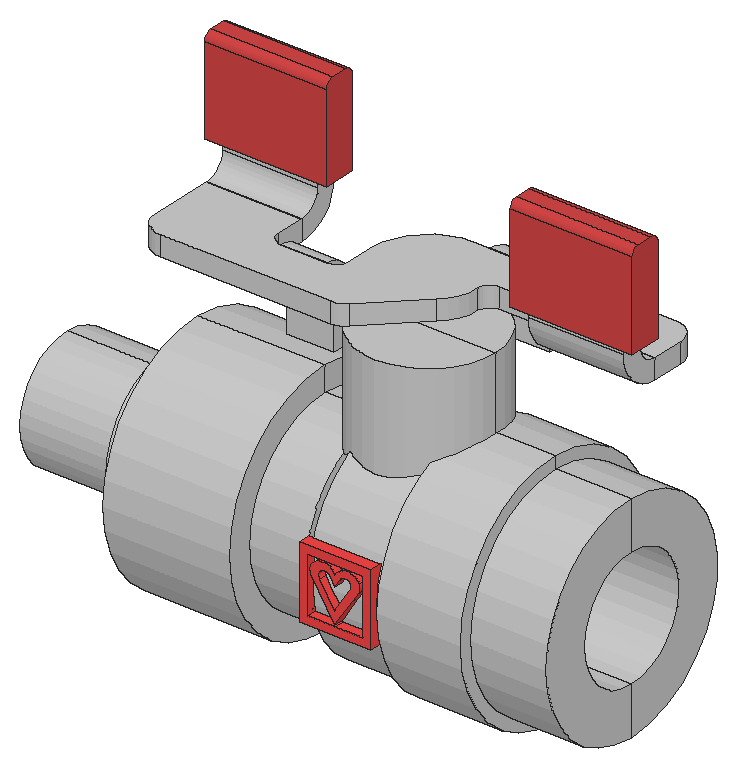
Revit family "HERZ Ball valve with T-handle (sheet steel) 2211", category Rohrzubehör, Revit 2021
Family settings
  Bemaßung runder Anschluss = Durchmesser verwenden
  Teiletyp = Unterbricht
  OmniClass-Nummer = 23.65.55.14
  OmniClass-Titel = Valves for Liquid Services
  Arbeitsebenenbasiert = Nein
  Immer vertikal = Ja
  Beim Laden mit Abzugskörper schneiden = Nein
  Gemeinsam genutzt = Nein
Parameters
  Weight [instance] = if(Nennweite = 15.000 mm, 0.23, if(Nennweite = 20.000 mm, 0.382, if(Nennweite = 25.000 mm, 0.669, if(Nennweite = 32.000 mm, 1.022, 0))))  # 0.23
  Vorgabe-Ansicht = 0.000 mm
  Spindle seals = "PTFE"  # constant formula
  Spindle = "machined brass according to EN 12164, CW614N"  # constant formula
  Part number [instance] = size_lookup("2211_3X_", "Artnr", 0, Nennweite)  # 1221131
  Min. operating temperature (water) = 0.5 °C  # constant formula
  Min. operating temperature = -30 °C  # constant formula
  Medium = "Heating water quality according to ÖNORM H5195 or VDI-Standard 2035.\r\nThe use of ethylene or propylene glycol in a mixing ratio 25- 50% is allowed."
  Max. operating temperature (water - no steam) = 110 °C  # constant formula
  Max. operating pressure (screw connection) = 1600000.0 Pa  # constant formula
  W01 = 135.00°  # constant formula
  VRL02 [instance] = size_lookup("2211_3X_", "VRL2", 1.000 mm, Nennweite)  # 16.500 mm
  VRL01 [instance] = size_lookup("2211_3X_", "VRL1", 1.000 mm, Nennweite)  # 16.000 mm
  VRD02 [instance] = size_lookup("2211_3X_", "VRD2", 1.000 mm, Nennweite)  # 15.000 mm
  VRD01 [instance] = size_lookup("2211_3X_", "VRD1", 1.000 mm, Nennweite)  # 10.500 mm
  URL = "www.herzvalves.com"
  SCRNSEQ = "ARM;ARM_TYP=\"ABVS\";2"
  SCRNCODE = "05;10;02"  # constant formula
  S04 [instance] = L07 + VRL01 + VRL02  # 45.600 mm
  S03 = 10.000 mm  # constant formula
  S02 [instance] = 2 * D01  # 19.050 mm
  S01 [instance] = L01 + L02 + L06  # 47.100 mm
  R01 [instance] = size_lookup("2211_3X_", "R1", 1.000 mm, Nennweite)  # 8.500 mm
  Nennweite [instance] = 15.000 mm
  Max. operating temperature = 150 °C  # constant formula
  Max. operating pressure = 2500000.0 Pa  # constant formula
  L07 [instance] = L01 - L03  # 13.100 mm
  L06 [instance] = size_lookup("2211_3X_", "L6", 1.000 mm, Nennweite)  # 9.600 mm
  L05 [instance] = size_lookup("2211_3X_", "L5", 1.000 mm, Nennweite)  # 19.900 mm
  L04 [instance] = size_lookup("2211_3X_", "L4", 1.000 mm, Nennweite)  # 10.500 mm
  L03 [instance] = size_lookup("2211_3X_", "L3", 1.000 mm, Nennweite)  # 8.400 mm
  L02 [instance] = size_lookup("2211_3X_", "L2", 1.000 mm, Nennweite)  # 16.000 mm
  L01 [instance] = size_lookup("2211_3X_", "L1", 1.000 mm, Nennweite)  # 21.500 mm
  Internal threaded connectors = "according to ISO 228-1"  # constant formula
  IG [instance] = Nennweite / 2  # 7.500 mm
  Hersteller = "HERZ Armaturen Ges.m.b.H"  # constant formula
  Handle = "T-handle, red, sheet steel - plated"  # constant formula
  H01 [instance] = size_lookup("2211_3X_", "H1", 1.000 mm, Nennweite)  # 24.000 mm
  GT1 [instance] = size_lookup("2211_3X_", "GT1", 1.000 mm, Nennweite)  # 10.000 mm
  GT [instance] = size_lookup("2211_3X_", "GT", 1.000 mm, Nennweite)  # 13.200 mm
  Seals (screw connection) DN32-DN50 = "KLINGER (flat sealing)"  # constant formula
  Seals (screw connection) DN15-DN25 = "EPDM (O-Ring)"  # constant formula
  Field of application = "HERZ ball valves have to be used as shut off elements.\r\nField of application are building services, such as heating or chilled water plants.\r\nBall valves are used wherever the medium flow has to be reliably closed.\r\nBall valve should not be used as regulating element so it has to be fully opened or fully closed (the handle should not be in intermediate position)."
  DN25-DN32 [instance] = if(Nennweite = 25.000 mm, 38.000 mm, 43.000 mm)  # 43.000 mm
  DN25+DN32 [instance] = or(Nennweite = 25.000 mm, Nennweite = 32.000 mm)  # no
  DN15-DN20 [instance] = if(Nennweite = 15.000 mm, 28.000 mm, 31.000 mm)  # 28.000 mm
  DN15+DN20 [instance] = or(Nennweite = 15.000 mm, Nennweite = 20.000 mm)  # yes
  D05 [instance] = size_lookup("2211_3X_", "D5", 1.000 mm, Nennweite)  # 13.500 mm
  D04 [instance] = size_lookup("2211_3X_", "D4", 1.000 mm, Nennweite)  # 14.000 mm
  D03 [instance] = size_lookup("2211_3X_", "D3", 1.000 mm, Nennweite)  # 15.000 mm
  D02 [instance] = size_lookup("2211_3X_", "D2", 1.000 mm, Nennweite)  # 12.000 mm
  D01 [instance] = size_lookup("2211_3X_", "D1", 1.000 mm, Nennweite)  # 9.525 mm
  Body = "forged brass according to EN 12165, nickel plated, CW617N"  # constant formula
  External threaded connectors = "according to ISO 7-1"  # constant formula
  Ball seals = "PTFE"  # constant formula
  Ball = "forged brass according to EN 12165, hollow, full bore, hard chrome plated, CW617N"  # constant formula
  Application = "HERZ ball valve MODUL is designed for building services such as heating and chilled water plants.\r\nThe operating conditions (temperature, pressure) should be constant."
  AG [instance] = Nennweite / 2  # 7.500 mm
Reference planes
  plane 1 "Mitte (Vorne/hinten)": y = 0
  plane 2: z = 0
  plane 3 "Mitte (Links/rechts)": x = 0
Forms (mm)
  Revolve 1, solid, material "Messing, vernickelt", detail levels fine
    sketch origin (0, 0, 0) x (1, 0, 0) y (0, 0, 1)
      loop
        line (16, 13.5) -> (16, 15) -> (5.5, 15) -> (5.5, 14) -> (-3.9, 14) -> (-5.9, 12) -> (-13.1, 12) -> (-13.1, 9.525) -> (-21.5, 9.525) -> (-21.5, 0) -> (15.6, 0) -> (15.6, 7.5) -> (25.6, 7.5) -> (25.6, 13.5) -> (16, 13.5)
      axis (-21.5, 0) -> (25.6, 0)
    angle from 0 to 360
  Revolve 2, solid, material "Messing, vernickelt", detail levels fine
    sketch origin (0, 0, 0) x (1, 0, 0) y (0, 0, 1)
      loop
        line (0, 0) -> (5.522, 0) -> (5.522, 8.202) -> (8.5, 8.202) -> (8.5, 24) -> (0, 24) -> (0, 0)
      axis (0, 24) -> (0, 0)
    angle from 0 to 360
  Revolve 3, solid, material "Messing, vernickelt", detail levels fine
    sketch origin (0, 0, 0) x (1, 0, 0) y (0, 0, 1)
      loop
        line (-13.1, 9.525) -> (-13.1, 15) -> (-29.1, 15) -> (-29.1, 10.5) -> (-32.4, 10.5) -> (-32.4, 7.5) -> (-45.6, 7.5) -> (-45.6, 0) -> (-21.5, 0) -> (-21.5, 9.525) -> (-13.1, 9.525)
      axis (-45.6, 0) -> (-13.1, 0)
    angle from 0 to 360
Lines and regions (mm)
  model lines, detail levels coarse+medium
    curve 1: line (-23.55, 9.525, 0) -> (-23.55, -9.525, 0)
    curve 2: line (-23.55, -9.525, 0) -> (23.55, 9.525, 0)
    curve 3: line (23.55, 9.525, 0) -> (23.55, -9.525, 0)
    curve 4: line (23.55, -9.525, 0) -> (-23.55, 9.525, 0)
    curve 5: circle (0, 0, 0) r 9.525 normal (0, 0, 1)
    curve 6: line (-23.55, 0, 9.525) -> (-23.55, 0, -9.525)
    curve 7: line (-23.55, 0, -9.525) -> (23.55, 0, 9.525)
    curve 8: line (23.55, 0, 9.525) -> (23.55, 0, -9.525)
    curve 9: line (23.55, 0, -9.525) -> (-23.55, 0, 9.525)
    curve 10: circle (0, 0, 0) r 9.525 normal (0, -1, 0)
    curve 11: line (-23.55, 0, 9.525) -> (-33.55, 0, 9.525)
    curve 12: line (-33.55, 0, 9.525) -> (-23.55, 0, 0)
    curve 13: line (-23.55, 0, -9.525) -> (-33.55, 0, -9.525)
    curve 14: line (-33.55, 0, -9.525) -> (-23.55, 0, 0)
    curve 15: line (-23.55, 0, 0) -> (-45.6, 0, 0)
    curve 16: line (-23.55, 9.525, 0) -> (-33.55, 9.525, 0)
    curve 17: line (-33.55, 9.525, 0) -> (-23.55, 0, 0)
    curve 18: line (-23.55, -9.525, 0) -> (-33.55, -9.525, 0)
    curve 19: line (-33.55, -9.525, 0) -> (-23.55, 0, 0)
    curve 20: line (-23.55, 0, 0) -> (-45.6, 0, 0)
Dimensions and locks
  "L01": Revolve 1 sketch curve to plane 3 "Mitte (Links/rechts)"
  "L02": Revolve 1 sketch curve to plane 3 "Mitte (Links/rechts)"
  "D01": Revolve 1 sketch curve to plane 2
  "D02": Revolve 1 sketch curve to plane 2
  "L03": Revolve 1 sketch curve to Revolve 1 sketch curve
  "R01": Revolve 2 sketch curve to plane 3 "Mitte (Links/rechts)"
  "H01": Revolve 2 sketch curve to plane 2
  "D03": Revolve 1 sketch curve to plane 2
  "D04": Revolve 1 sketch curve to plane 2
  "L04": Revolve 1 sketch curve to Revolve 1 sketch curve
  "L05": Revolve 1 sketch curve to Revolve 1 sketch curve
  "IG": Revolve 1 sketch curve to Revolve 1 sketch curve
  "GT1": Revolve 1 sketch curve to Revolve 1 sketch curve
  "L06": Revolve 1 sketch curve to Revolve 1 sketch curve
  "D05": Revolve 1 sketch curve to Revolve 1 sketch curve
  "D04": nested 1 to plane 1 "Mitte (Vorne/hinten)"
  equal spacing: curve 2, plane 1 "Mitte (Vorne/hinten)", curve 4
  equal spacing: curve 4, plane 1 "Mitte (Vorne/hinten)", curve 3
  "S02": curve 4 to curve 2
  "S02": curve 3 to curve 4
  equal spacing: curve 1, plane 3 "Mitte (Links/rechts)", curve 3
  "S01": curve 1 to curve 3
  "S02": curve 9 to curve 7
  equal spacing: curve 9, plane 2, curve 7
  equal spacing: curve 8, plane 2, curve 9
  "S02": curve 8 to curve 9
  "S01": curve 6 to curve 8
  equal spacing: curve 6, plane 3 "Mitte (Links/rechts)", curve 8
  "AG": Revolve 3 sketch curve to plane 2
  "D01": Revolve 3 sketch curve to Revolve 3 sketch curve
  "L03": Revolve 3 sketch curve to Revolve 3 sketch curve
  "L07": plane 3 "Mitte (Links/rechts)" to Revolve 3 sketch curve
  "VRL01": Revolve 3 sketch curve to Revolve 3 sketch curve
  "VRL02": Revolve 3 sketch curve to Revolve 3 sketch curve
  "GT": Revolve 3 sketch curve to Revolve 3 sketch curve
  "VRD01": Revolve 3 sketch curve to level
  "VRD02": Revolve 3 sketch curve to Revolve 3 sketch curve
  "S04": plane 3 "Mitte (Links/rechts)" to curve 15
  "S03": curve 12 to curve 6
  "S03": curve 17 to curve 1
  "S04": curve 20 to plane 3 "Mitte (Links/rechts)"
  "DN15-DN20": nested 2 to plane 2
  "DN25-DN32": nested 3 to plane 2
  "S02": diameter of curve 5
  "S02": diameter of curve 10
  "W01": angle Revolve 1 sketch curve to Revolve 1 sketch curve
  aligned and locked: level to plane 2
Automatic sketch dimensions
  curve 10 to level = 0.000 mm
  curve 10 to plane 3 "Mitte (Links/rechts)" = 0.000 mm
  curve 15 to level = 0.000 mm
  curve 12 to level = 0.000 mm
  curve 13 to curve 6 = 10.000 mm
  plane 1 "Mitte (Vorne/hinten)" to curve 5 = 0.000 mm
  curve 5 to plane 3 "Mitte (Links/rechts)" = 0.000 mm
  plane 1 "Mitte (Vorne/hinten)" to curve 20 = 0.000 mm
  plane 1 "Mitte (Vorne/hinten)" to curve 19 = 0.000 mm
  curve 18 to curve 1 = 10.000 mm
  Revolve 1 sketch curve to level = 0.000 mm  (x2)
  Revolve 1 sketch curve to Revolve 1 sketch curve = 1481.630 mm
  Revolve 1 sketch curve to Revolve 1 sketch curve = 1814.648 mm
  Revolve 2 sketch curve to level = 0.000 mm
  Revolve 2 sketch curve to plane 3 "Mitte (Links/rechts)" = 0.000 mm  (x2)
  plane 3 "Mitte (Links/rechts)" to Revolve 2 sketch curve = 5.522 mm
  level to Revolve 2 sketch curve = 8.202 mm
  Revolve 2 sketch curve to Revolve 2 sketch curve = 366.045 mm
  Revolve 2 sketch curve to Revolve 2 sketch curve = 2190.315 mm
  Revolve 3 sketch curve to level = 0.000 mm  (x2)
  Revolve 3 sketch curve to Revolve 3 sketch curve = 1461.804 mm
  plane 3 "Mitte (Links/rechts)" to Revolve 3 sketch curve = 1839.148 mm
Nested families
  nested 1: "Herz-Logo-vorne" at (0, -14, 0) x (0, 1, 0) z (0, 0, 1), type "Herz-Logo-vorne", detail levels fine
  nested 2: "Knebelgriff (Blech) DN15-DN20" at (0, 0, 28), visible <- "DN15+DN20", type "Knebelgriff (Blech) DN15-DN20"
  nested 3: "Knebelgriff (Blech) DN25-DN32" at (0, 0, 43), visible <- "DN25+DN32", type "Knebelgriff (Blech) DN25-DN32"
Connectors
  piping at (6.5, 0, 0), diameter 15, driven by "Nennweite"
    settings: on Revolve 1, index 1, connector inside diameter 609.6 mm, connector length 0.000 mm, flow factor 0, pipe flow 0.0 L/s, pressure drop 0.0 Pa, fitting loss kfactor 0, connector angle 0.00°, fixture units 0, engagement length 0.000 mm, angle of deflection 0.00°, flow configuration 0, flow direction 0, fitting loss method 0, system type 7, joint type 0, gender type 0, connector reference index -1, connector utility 0, adjustable connector no, is connector primary yes, connector description ""
  piping at (-45.6, 0, 0), diameter 15, driven by "Nennweite"
    settings: on Revolve 3, index 2, connector inside diameter 609.6 mm, connector length 0.000 mm, flow factor 0, pipe flow 0.0 L/s, pressure drop 0.0 Pa, fitting loss kfactor 0, connector angle 0.00°, fixture units 0, engagement length 0.000 mm, angle of deflection 0.00°, flow configuration 0, flow direction 0, fitting loss method 0, system type 7, joint type 0, gender type 0, connector reference index -1, connector utility 0, adjustable connector no, is connector primary no, connector description ""
Definition of nested family "Herz-Logo-vorne"
  Parameters (values of type "Herz-Logo-vorne")
    Default Elevation = 0.000 mm
  Reference planes
    plane 1 "Mitte (Vorne/hinten)": y = 0
    plane 2: z = 0
    plane 3 "Mitte (Links/rechts)": x = 0
  Forms (mm)
    Extrusion 1, solid
      sketch origin (0.732, -0.018, 0.017) x (0, -1, 0) y (0, 0, 1)
        loop
          line (-0.018, -4.517) -> (4.482, -4.517) -> (4.482, 4.483) -> (-4.518, 4.483) -> (-4.518, -4.517) -> (-0.018, -4.517)
        loop
          line (-0.05, -3.48) -> (3.482, -3.48) -> (3.482, 3.483) -> (-3.518, 3.483) -> (-3.518, -3.48) -> (-0.05, -3.48)
        loop
          arc (-0.018, 2.383) -> (-1.543, 3.287) -> (-3.067, 2.383) r 1.738
          arc (-3.067, 2.383) -> (-3.191, 1.899) -> (-3.067, 1.415) r 1.009
          line (-3.067, 1.415) -> (-0.018, -3.281) -> (3.032, 1.415)
          arc (3.032, 1.415) -> (3.156, 1.899) -> (3.032, 2.383) r 1.009
          arc (3.032, 2.383) -> (1.507, 3.287) -> (-0.018, 2.383) r 1.738
        loop
          arc (1.885, 1.272) -> (2.005, 1.675) -> (1.885, 2.079) r 0.74
          arc (1.885, 2.079) -> (1.265, 2.416) -> (0.644, 2.079) r 0.74
          line (0.644, 2.079) -> (-0.018, 0.97) -> (-0.679, 2.079)
          arc (-0.679, 2.079) -> (-1.3, 2.416) -> (-1.921, 2.079) r 0.74
          arc (-1.921, 2.079) -> (-2.04, 1.675) -> (-1.921, 1.272) r 0.74
          line (-1.921, 1.272) -> (-0.018, -1.658) -> (1.885, 1.272)
      from 0 to 1.5
  Dimensions and locks
    aligned and locked: level to plane 2
Definition of nested family "Knebelgriff (Blech) DN15-DN20"
  Parameters (values of type "Knebelgriff (Blech) DN15-DN20")
    Default Elevation = 0.000 mm
  Reference planes
    plane 1 "Mitte (Vorne/hinten)": y = 0
    plane 2: z = 0
    plane 3 "Mitte (Links/rechts)": x = 0
  Forms (mm)
    Extrusion 1, solid, detail levels fine
      sketch origin (0, 0, 0) x (1, 0, 0) y (0, 1, 0)
        loop
          line (-7, 0) -> (-7, -3.8)
          arc (-7, -3.8) -> (-7.439, -4.861) -> (-8.5, -5.3) r 1.5
          line (-8.5, -5.3) -> (-14.5, -5.3)
          arc (-14.5, -5.3) -> (-15.561, -4.861) -> (-16, -3.8) r 1.5
          line (-16, -3.8) -> (-16, 0) -> (-28, 0) -> (-28, -8.1)
          arc (-28, -8.1) -> (-27.121, -10.221) -> (-25, -11.1) r 3
          line (-25, -11.1) -> (-3.453, -11.1)
          arc (-3.453, -11.1) -> (-2.496, -10.91) -> (-1.685, -10.368) r 2.5
          line (-1.685, -10.368) -> (4.443, -4.24)
          arc (4.443, -4.24) -> (5.743, -2.295) -> (6.2, 0) r 6
          arc (6.2, 0) -> (6.64, 1.06) -> (7.7, 1.499) r 1.5
          line (7.7, 1.499) -> (15.1, 1.499)
          arc (15.1, 1.499) -> (16.16, 1.06) -> (16.6, 0) r 1.5
          line (16.6, 0) -> (28.6, 0) -> (28.6, 4)
          arc (28.6, 4) -> (27.721, 6.121) -> (25.6, 7) r 3
          line (25.6, 7) -> (0, 7)
          arc (0, 7) -> (-4.95, 4.95) -> (-7, 0) r 7
      from 0 to 2.5
    Extrusion 2, solid, detail levels fine
      sketch origin (0, 0, 0) x (0, 1, 0) y (0, 0, 1)
        loop
          arc (2.5, 5) -> (1.768, 3.232) -> (0, 2.5) r 2.5
          line (0, 2.5) -> (0, 0)
          arc (0, 0) -> (3.536, 1.464) -> (5, 5) r 5
          line (5, 5) -> (5, 6) -> (2.5, 6) -> (2.5, 5)
      from -28 to -16
    Extrusion 3, solid, detail levels fine
      sketch origin (0, 5.3, 0) x (0, 1, 0) y (0, 0, 1)
        loop
          line (-7.8, 5) -> (-7.8, 6) -> (-10.3, 6) -> (-10.3, 5)
          arc (-10.3, 5) -> (-8.836, 1.464) -> (-5.3, 0) r 5
          line (-5.3, 0) -> (-5.3, 2.5)
          arc (-5.3, 2.5) -> (-7.068, 3.232) -> (-7.8, 5) r 2.5
      from 16.6 to 28.6
    Extrusion 4, solid, detail levels fine
      sketch origin (0, 0, 0) x (0, 1, 0) y (0, 0, 1)
        loop
          line (5.75, 6) -> (5.75, 17.041)
          arc (5.75, 17.041) -> (5.469, 17.719) -> (4.791, 18) r 0.959
          line (4.791, 18) -> (2.773, 18)
          arc (2.773, 18) -> (2.05, 17.7) -> (1.75, 16.977) r 1.023
          line (1.75, 16.977) -> (1.75, 6) -> (5.75, 6)
      from -29.7 to -14.3
    Extrusion 5, solid, detail levels fine
      sketch origin (0, 0, 0) x (0, 1, 0) y (0, 0, 1)
        loop
          line (-5.75, 6) -> (-1.75, 6) -> (-1.75, 17)
          arc (-1.75, 17) -> (-2.043, 17.707) -> (-2.75, 18) r 1
          line (-2.75, 18) -> (-4.75, 18)
          arc (-4.75, 18) -> (-5.457, 17.707) -> (-5.75, 17) r 1
          line (-5.75, 17) -> (-5.75, 6)
      from 30.3 to 14.9
    Extrusion 6, solid, detail levels fine
      sketch origin (0, 0, 0) x (0, 1, 0) y (0, 0, 1)
        loop
          line (9, -2) -> (9, -8) -> (11.5, -8) -> (11.5, -2)
          arc (11.5, -2) -> (10.182, 1.182) -> (7, 2.5) r 4.5
          line (7, 2.5) -> (7, 0)
          arc (7, 0) -> (8.414, -0.586) -> (9, -2) r 2
      from 8.1 to 2.1
    Extrusion 7, solid, detail levels fine
      sketch origin (0, 0, 0) x (0, 1, 0) y (0, 0, 1)
        loop
          line (-4.3, -1) -> (-4.3, -8) -> (-1.8, -8) -> (-1.8, -1)
          arc (-1.8, -1) -> (-2.825, 1.475) -> (-5.3, 2.5) r 3.5
          line (-5.3, 2.5) -> (-5.3, 0)
          arc (-5.3, 0) -> (-4.593, -0.293) -> (-4.3, -1) r 1
      from -14.5 to -8.5
  Dimensions and locks
    aligned and locked: level to plane 2
Definition of nested family "Knebelgriff (Blech) DN25-DN32"
  Parameters (values of type "Knebelgriff (Blech) DN25-DN32")
    Default Elevation = 0.000 mm
  Reference planes
    plane 1 "Mitte (Vorne/hinten)": y = 0
    plane 2: z = 0
    plane 3 "Mitte (Links/rechts)": x = 0
  Forms (mm)
    Extrusion 1, solid, detail levels fine
      sketch origin (0, 0, 0) x (1, 0, 0) y (0, 1, 0)
        loop
          arc (0, 9) -> (-6.364, 6.364) -> (-9, 0) r 9
          line (-9, 0) -> (-9, -4.1)
          arc (-9, -4.1) -> (-9.439, -5.161) -> (-10.5, -5.6) r 1.5
          line (-10.5, -5.6) -> (-20, -5.6)
          arc (-20, -5.6) -> (-21.061, -5.161) -> (-21.5, -4.1) r 1.5
          line (-21.5, -4.1) -> (-21.5, 0) -> (-39.1, 0) -> (-39.1, -10.6)
          arc (-39.1, -10.6) -> (-38.221, -12.721) -> (-36.1, -13.6) r 3
          line (-36.1, -13.6) -> (-10.5, -13.6)
          arc (-10.5, -13.6) -> (-8.037, -13.275) -> (-5.742, -12.323) r 9.5
          line (-5.742, -12.323) -> (0, -9)
          arc (0, -9) -> (2.463, -8.675) -> (4.758, -7.723) r 9.5
          line (4.758, -7.723) -> (16.029, -0.25)
          arc (16.029, -0.25) -> (16.522, 0.291) -> (16.7, 1) r 1.5
          arc (16.7, 1) -> (17.139, 2.061) -> (18.2, 2.5) r 1.5
          line (18.2, 2.5) -> (20.9, 2.5)
          arc (20.9, 2.5) -> (21.961, 2.061) -> (22.4, 1) r 1.5
          line (22.4, 1) -> (22.4, 0) -> (40, 0) -> (40, 7.5)
          arc (40, 7.5) -> (39.121, 9.621) -> (37, 10.5) r 3
          line (37, 10.5) -> (2.1, 10.5) -> (2.1, 9) -> (0, 9)
      from 0 to 3
    Extrusion 2, solid, detail levels fine
      sketch origin (0, 0, 0) x (0, 1, 0) y (0, 0, 1)
        loop
          arc (3, 6) -> (2.121, 3.879) -> (0, 3) r 3
          line (0, 3) -> (0, 0)
          arc (0, 0) -> (4.243, 1.757) -> (6, 6) r 6
          line (6, 6) -> (3, 6)
      from -39.1 to -21.5
    Extrusion 3, solid, detail levels fine
      sketch origin (0, 0, 0) x (0, 1, 0) y (0, 0, 1)
        loop
          arc (0, 3) -> (-2.121, 3.879) -> (-3, 6) r 3
          line (-3, 6) -> (-6, 6)
          arc (-6, 6) -> (-4.243, 1.757) -> (0, 0) r 6
          line (0, 0) -> (0, 3)
      from 22.4 to 40
    Extrusion 4, solid, detail levels fine
      sketch origin (0, 0, 0) x (0, 1, 0) y (0, 0, 1)
        loop
          line (7.5, 6) -> (7.5, 24.5)
          arc (7.5, 24.5) -> (7.061, 25.561) -> (6, 26) r 1.5
          line (6, 26) -> (3, 26)
          arc (3, 26) -> (1.939, 25.561) -> (1.5, 24.5) r 1.5
          line (1.5, 24.5) -> (1.5, 6) -> (7.5, 6)
      from -42.05 to -18.55
    Extrusion 5, solid, detail levels fine
      sketch origin (0, 0, 0) x (0, 1, 0) y (0, 0, 1)
        loop
          line (-7.5, 6) -> (-1.5, 6) -> (-1.5, 24.5)
          arc (-1.5, 24.5) -> (-1.939, 25.561) -> (-3, 26) r 1.5
          line (-3, 26) -> (-6, 26)
          arc (-6, 26) -> (-7.061, 25.561) -> (-7.5, 24.5) r 1.5
          line (-7.5, 24.5) -> (-7.5, 6)
      from 19.45 to 42.95
    Extrusion 6, solid, detail levels fine
      sketch origin (0, 0, 0) x (0, 1, 0) y (0, 0, 1)
        loop
          arc (14, -0.5) -> (12.975, 1.975) -> (10.5, 3) r 3.5
          line (10.5, 3) -> (10.5, 0)
          arc (10.5, 0) -> (10.854, -0.146) -> (11, -0.5) r 0.5
          line (11, -0.5) -> (11, -9) -> (14, -9) -> (14, -0.5)
      from 2.1 to 8.1
    Extrusion 7, solid, detail levels fine
      sketch origin (0, -16.1, 0) x (0, 1, 0) y (0, 0, 1)
        loop
          arc (14, -0.5) -> (12.975, 1.975) -> (10.5, 3) r 3.5
          line (10.5, 3) -> (10.5, 0)
          arc (10.5, 0) -> (10.854, -0.146) -> (11, -0.5) r 0.5
          line (11, -0.5) -> (11, -9) -> (14, -9) -> (14, -0.5)
      from -12 to -18
  Dimensions and locks
    aligned and locked: level to plane 2
